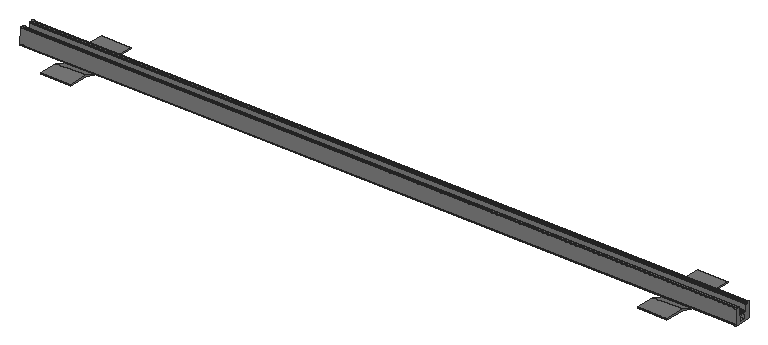
Revit family "Haworth_ActiveComponents_Reside_ScreenRail_NEW", category Furniture Systems, Revit 2015
Parameters (values of type "Screen Rail")
  Width = 72"
  Warranty = "http://www.haworth.com/resources/product-info/warranties"
  URL - Product = "http://www.haworth.com/products/workspaces/accessories/active-components"
  URL = "http://www.haworth.com/"
  Trim Finish [instance] = Haworth _ Paint _ Charcoal
  Size = "Verify Final Dim. w/ Haworth"  # constant formula
  Revision Number = "1"  # constant formula
  Model = "AUSR"  # constant formula
  Min. Width = 48"  # constant formula
  Max. Width = 72"  # constant formula
  Manufacturer = "Haworth"  # constant formula
  Description = "Haworth - Active Components - Reside Screen Rail"  # constant formula
  Author = "Haworth (Alias)"  # constant formula
  Assembly Code = "E2020200"
  Actual Width = if(Width < Min. Width, Min. Width, if(Width > Max. Width, Max. Width, Width))  # 72"
  Actual Mounting Height = 28"
  Actual Height = 2"  # constant formula
  Actual Depth = 1 31/64"  # constant formula
Reference planes (in)
  plane 1: z = 0
  plane 2 "Left Edge": x = -30.8125
  plane 3 "Center F/B": y = 6.68256
  plane 4 "Bottom Screen": z = 28
  plane 5 "Right Edge": x = 41.1875
  plane 6 "Center LR": x = 5.1875
  plane 7 "Back": y = 7.42475
  plane 8 "Front": y = 5.94038
Forms (in)
  Sweep 1, solid, material "Haworth _ Paint _ Charcoal" <- "Trim Finish"
    path origin (0, 0, 28) x (-1, 0, 0) y (0, -1, 0)
      loop
        line (30.8125, -6.68256) -> (-41.1875, -6.68256)
    profile origin (5.1875, 6.68256, 28) x (0, 1, 0) y (0, 0, 1)
      loop
        line (0.3545, -0.239) -> (-0.3545, -0.239) -> (-0.3545, 0.221) -> (-0.2, 0.221) -> (-0.2, 0.3) -> (-0.4035, 0.3) -> (-0.4035, 0.388) -> (-0.4505, 0.428) -> (-0.4505, 1.021) -> (-0.4035, 1.061) -> (-0.4035, 1.138) -> (-0.44471, 1.17307)
        arc (-0.44471, 1.17307) -> (-0.47094, 1.17779) -> (-0.48801, 1.15733) r 0.0265
        line (-0.48801, 1.15733) -> (-0.5315, 0.901) -> (-0.5315, 0.391) -> (-0.6555, 0.391) -> (-0.6555, 0.548) -> (-0.685, 0.578) -> (-0.685, 1.14583)
        arc (-0.685, 1.14583) -> (-0.7165, 1.17733) -> (-0.748, 1.14583) r 0.0315
        line (-0.748, 1.14583) -> (-0.748, -0.355)
        arc (-0.748, -0.355) -> (-0.73628, -0.38328) -> (-0.708, -0.395) r 0.04
        line (-0.708, -0.395) -> (0.708, -0.395)
        arc (0.708, -0.395) -> (0.73628, -0.38328) -> (0.748, -0.355) r 0.04
        line (0.748, -0.355) -> (0.748, 1.14583)
        arc (0.748, 1.14583) -> (0.7165, 1.17733) -> (0.685, 1.14583) r 0.0315
        line (0.685, 1.14583) -> (0.685, 0.578) -> (0.6555, 0.548) -> (0.6555, 0.391) -> (0.5315, 0.391) -> (0.5315, 0.901) -> (0.48801, 1.15733)
        arc (0.48801, 1.15733) -> (0.47094, 1.17779) -> (0.44471, 1.17307) r 0.0265
        line (0.44471, 1.17307) -> (0.4035, 1.138) -> (0.4035, 1.061) -> (0.4505, 1.021) -> (0.4505, 0.428) -> (0.4035, 0.388) -> (0.4035, 0.3) -> (0.2, 0.3) -> (0.2, 0.221) -> (0.3545, 0.221) -> (0.3545, -0.239)
  Sweep 2, solid, material "Haworth _ Paint _ Charcoal" <- "Trim Finish"
    path origin (0, 0, 28) x (-1, 0, 0) y (0, -1, 0)
      loop
        line (26.3125, -6.68256) -> (23.3125, -6.68256)
    profile origin (-24.8125, 6.68256, 28) x (0, 1, 0) y (0, 0, 1)
      loop
        line (1.88967, -0.105) -> (3.81655, -0.105) -> (3.81655, 0) -> (1.87155, 0) -> (0.76155, -0.395) -> (-0.76155, -0.395) -> (-1.87155, 0) -> (-3.81655, 0) -> (-3.81655, -0.105) -> (-1.88967, -0.105) -> (-0.76155, -0.5) -> (0.77967, -0.5) -> (1.88967, -0.105)
  Sweep 3, solid, material "Haworth _ Paint _ Charcoal" <- "Trim Finish"
    path origin (10.375, 0, 28) x (1, 0, 0) y (0, -1, 0)
      loop
        line (26.3125, -6.68256) -> (23.3125, -6.68256)
    profile origin (35.1875, 6.68256, 28) x (0, -1, 0) y (0, 0, 1)
      loop
        line (-1.88967, -0.105) -> (-0.77967, -0.5) -> (0.76155, -0.5) -> (1.88967, -0.105) -> (3.81655, -0.105) -> (3.81655, 0) -> (1.87155, 0) -> (0.76155, -0.395) -> (-0.76155, -0.395) -> (-1.87155, 0) -> (-3.81655, 0) -> (-3.81655, -0.105) -> (-1.88967, -0.105)
Lines and regions (in)
  Masking region 1
    outline origin (0, 0, 0) x (1, 0, 0) y (0, 1, 0)
      loop
        line (-30.8125, 7.42475) -> (-30.8125, 5.94038) -> (41.1875, 5.94038) -> (41.1875, 7.42475) -> (-30.8125, 7.42475)
  symbolic lines, style "Haworth Hidden", detail levels fine
    curve 1: line (-30.8125, 6.22944, 0) -> (-30.8125, 7.13569, 0)
Dimensions and locks (in)
  "Actual Mounting Height": plane 4 "Bottom Screen" to level
  "Actual Width": plane 2 "Left Edge" to plane 5 "Right Edge"
  equal spacing: plane 2 "Left Edge", plane 6 "Center LR", plane 5 "Right Edge"
  equal spacing: plane 8 "Front", plane 3 "Center F/B", plane 7 "Back"
  "Actual Depth": plane 8 "Front" to plane 7 "Back"
  locked: plane 2 "Left Edge" to Sweep 2 sketch curve at 4.5
  locked: Sweep 2 sketch curve to Sweep 2 sketch curve at 3
  locked: Sweep 3 sketch curve to Sweep 3 sketch curve at 3
  locked: Sweep 3 sketch curve to plane 5 "Right Edge" at 4.5
  aligned and locked: plane 5 "Right Edge" to Masking region 1
  aligned and locked: curve 1 to plane 2 "Left Edge"
  aligned and locked: Sweep 1 sketch curve to plane 3 "Center F/B"
  aligned and locked: plane 5 "Right Edge" to Sweep 1 sketch curve
  aligned and locked: plane 2 "Left Edge" to Sweep 1 sketch curve
  aligned and locked: Masking region 1 sketch curve to plane 7 "Back"
  aligned and locked: Masking region 1 sketch curve to plane 8 "Front"
  aligned and locked: Sweep 2 sketch curve to plane 3 "Center F/B"
  aligned and locked: plane 3 "Center F/B" to Sweep 3 sketch curve
Automatic sketch dimensions
  curve 1 to plane 8 "Front" = 37/128"
  curve 1 to plane 7 "Back" = 37/128"
  Masking region 1 sketch curve to plane 2 "Left Edge" = 0"
  Masking region 1 sketch curve to plane 5 "Right Edge" = 0"
  profile plane to Sweep 1 sketch curve = 0.748"
  Sweep 1 sketch curve to Sweep 1 sketch curve = 0.0315"  (x2)
  Sweep 1 sketch curve to Sweep 1 sketch curve = 0.04"  (x5)
  Sweep 1 sketch curve to Sweep 1 sketch curve = 0.0295"
  Sweep 1 sketch curve to Sweep 1 sketch curve = 0.1535"
  Sweep 1 sketch curve to Sweep 1 sketch curve = 0.19699"  (x2)
  Sweep 1 sketch curve to Sweep 1 sketch curve = 0.02612"  (x2)
  Sweep 1 sketch curve to Sweep 1 sketch curve = 0.01138"
  Sweep 1 sketch curve to Sweep 1 sketch curve = 0.01717"  (x2)
  Sweep 1 sketch curve to Sweep 1 sketch curve = 0.047"  (x3)
  Sweep 1 sketch curve to Sweep 1 sketch curve = 0.049"  (x2)
  Sweep 1 sketch curve to Sweep 1 sketch curve = 0.1545"  (x2)
  Sweep 1 sketch curve to profile plane = 0.2"
  Sweep 1 sketch curve to profile plane = 0.4035"
  Sweep 1 sketch curve to Sweep 1 sketch curve = 0.04121"
  Sweep 1 sketch curve to Sweep 1 sketch curve = 0.081"
  Sweep 1 sketch curve to Sweep 1 sketch curve = 0.124"
  Sweep 1 sketch curve to Sweep 1 sketch curve = 0.3535"
  Sweep 1 sketch curve to plane 4 "Bottom Screen" = 0.395"
  Sweep 1 sketch curve to plane 4 "Bottom Screen" = 0.239"
  plane 4 "Bottom Screen" to Sweep 1 sketch curve = 0.221"  (x2)
  Sweep 1 sketch curve to Sweep 1 sketch curve = 0.079"  (x2)
  Sweep 1 sketch curve to Sweep 1 sketch curve = 0.088"  (x2)
  Sweep 1 sketch curve to Sweep 1 sketch curve = 0.003"  (x2)
  Sweep 1 sketch curve to Sweep 1 sketch curve = 0.157"  (x2)
  Sweep 1 sketch curve to Sweep 1 sketch curve = 0.03"  (x2)
  Sweep 1 sketch curve to Sweep 1 sketch curve = 0.323"  (x2)
  Sweep 1 sketch curve to Sweep 1 sketch curve = 0.12"  (x2)
  Sweep 1 sketch curve to Sweep 1 sketch curve = 0.077"  (x2)
  Sweep 1 sketch curve to Sweep 1 sketch curve = 0.12482"  (x2)
  Sweep 1 sketch curve to Sweep 1 sketch curve = 0.01489"  (x2)
  Sweep 1 sketch curve to Sweep 1 sketch curve = 0.00443"  (x2)
  Sweep 2 sketch curve to plane 4 "Bottom Screen" = 0"  (x4)
  profile plane to Sweep 2 sketch curve = 3.81655"
  Sweep 2 sketch curve to plane 4 "Bottom Screen" = 0.105"
  profile plane to Sweep 2 sketch curve = 1.88967"
  Sweep 2 sketch curve to Sweep 2 sketch curve = 0.01812"  (x2)
  profile plane to Sweep 2 sketch curve = 0.76155"
  Sweep 2 sketch curve to Sweep 2 sketch curve = 0"
  Sweep 2 sketch curve to profile plane = 0.76155"
  Sweep 2 sketch curve to Sweep 2 sketch curve = 0.01813"
  Sweep 2 sketch curve to Sweep 2 sketch curve = 1.11"
  Sweep 2 sketch curve to Sweep 2 sketch curve = 1.92687"
  Sweep 2 sketch curve to plane 4 "Bottom Screen" = 0.395"
  Sweep 2 sketch curve to Sweep 2 sketch curve = 0.105"  (x2)
  Sweep 3 sketch curve to plane 4 "Bottom Screen" = 0.105"  (x2)
  profile plane to Sweep 3 sketch curve = 3.81655"
  profile plane to Sweep 3 sketch curve = 1.88967"
  Sweep 3 sketch curve to plane 4 "Bottom Screen" = 0"  (x4)
  Sweep 3 sketch curve to Sweep 3 sketch curve = 0.01812"  (x2)
  profile plane to Sweep 3 sketch curve = 0.77967"
  Sweep 3 sketch curve to Sweep 3 sketch curve = 0.01813"
  Sweep 3 sketch curve to profile plane = 0.76155"
  Sweep 3 sketch curve to Sweep 3 sketch curve = 0"
  Sweep 3 sketch curve to Sweep 3 sketch curve = 1.11"
  Sweep 3 sketch curve to Sweep 3 sketch curve = 1.92687"
  Sweep 3 sketch curve to plane 4 "Bottom Screen" = 0.395"
  Sweep 3 sketch curve to Sweep 3 sketch curve = 0.105"
